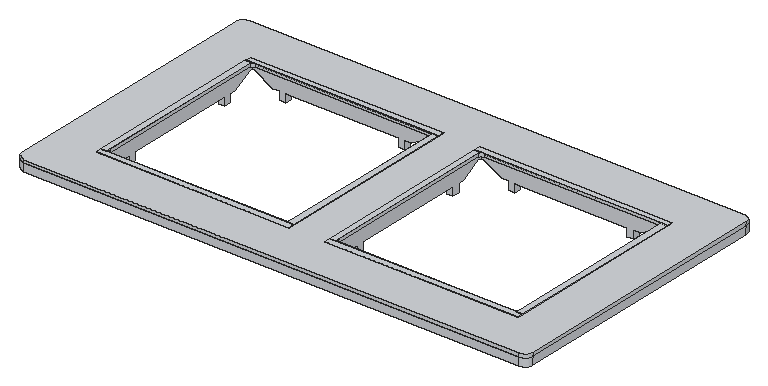
Revit family "Gira_0212295", category Electrical Fixtures, host Face, Revit 2017
Family settings
  Host = Face
  Maintain Annotation Orientation = No
  Round Connector Dimension = Use Diameter
  Part Type = Normal
  Cut with Voids When Loaded = No
  Shared = No
  Room Calculation Point = No
Parameters (values of type "Abdeckrahmen 2f flach Gira E2 Reinweiß")
  Werkstoffgüte = "Thermoplast"
  Werkstoff = "Kunststoff"
  URL = "http://katalog.gira.de/de_DE/datenblatt.html?artikelnr=0212295"
  Transparent = "No"
  Textfeld/Beschriftungsfläche = "No"
  Schutzart (IP) = "IP20"
  Region = "DE"
  RAL-Nummer (ähnlich) = "9010 "
  Oberfläche = "sonstige"
  Name = "Abdeckrahmen 2f flach Gira E2 Reinweiß"
  Montagerichtung = "horizontal und vertikal"
  Mit Montagerahmen = "No"
  Mit Klappdeckel = "No"
  Manufacturer URL = "https://www.gira.de/"
  Keynote = "E2flach_Rahmen_2fach"
  HeinzeBIM = "https://bimportal.heinze.de/bim/abdeckrahmen-2f-flach-gira-e2-reinweiss/feafc31c3952bf6c6894f4466718ac3c6a4255d5"
  Halogenfrei = "Yes"
  HAN = "0212295"
  Geeignet für Unterputz-Installation = "Yes"
  Geeignet für Unterflurkanaldose = "No"
  Geeignet für Geräteeinbaukanal = "No"
  Geeignet für Einbauinstallation = "No"
  GTIN = "4010337022282"
  Farbe = "weiß"
  Default Elevation = 1219.2 mm
  Data sheet (1) = "https://katalog.gira.de/de_DE/download.html?artikelnr=0212295"
  Category = "Abdeckrahmen"
  Befestigungsart = "Klemmbefestigung"
  Available = "Yes"
  Ausführung der Oberfläche = "glänzend"
  Anzahl der Einheiten vertikal = "2 "
  Anzahl der Einheiten horizontal = "2 "
  Anzahl der Einheiten = "2 "
Reference planes
  plane 1 "Center (Front/Back)": y = 0
  plane 2: z = 0
  plane 3 "Center (Left/Right)": x = 0
Forms (mm)
  Extrusion 1, solid, detail levels fine
    sketch origin (0, 0, 0) x (1, 0, 0) y (0, 1, 0)
      loop
        arc (-77, 43.9) -> (-78.768, 43.168) -> (-79.5, 41.4) r 2.5
        line (-79.5, 41.4) -> (-79.5, -41.4)
        arc (-79.5, -41.4) -> (-78.768, -43.168) -> (-77, -43.9) r 2.5
        line (-77, -43.9) -> (77, -43.9)
        arc (77, -43.9) -> (78.768, -43.168) -> (79.5, -41.4) r 2.5
        line (79.5, -41.4) -> (79.5, 41.4)
        arc (79.5, 41.4) -> (78.768, 43.168) -> (77, 43.9) r 2.5
        line (77, 43.9) -> (-77, 43.9)
      loop
        spline (-63.744, -27.245) -> (-63.736, -27.363) -> (-63.713, -27.478) -> (-63.675, -27.589) -> (-63.623, -27.695) -> (-63.558, -27.792) -> (-63.481, -27.881) -> (-63.392, -27.958) -> (-63.295, -28.023) -> (-63.189, -28.075) -> (-63.078, -28.113) -> (-62.963, -28.136) -> (-62.845, -28.144)
        line (-62.845, -28.144) -> (-8.355, -28.144)
        spline (-8.355, -28.144) -> (-8.237, -28.136) -> (-8.122, -28.113) -> (-8.011, -28.075) -> (-7.905, -28.023) -> (-7.808, -27.958) -> (-7.719, -27.881) -> (-7.642, -27.792) -> (-7.577, -27.695) -> (-7.525, -27.589) -> (-7.487, -27.478) -> (-7.464, -27.363) -> (-7.456, -27.245)
        line (-7.456, -27.245) -> (-7.456, 27.245)
        spline (-7.456, 27.245) -> (-7.464, 27.363) -> (-7.487, 27.478) -> (-7.525, 27.589) -> (-7.577, 27.695) -> (-7.642, 27.792) -> (-7.719, 27.881) -> (-7.808, 27.958) -> (-7.905, 28.023) -> (-8.011, 28.075) -> (-8.122, 28.113) -> (-8.237, 28.136) -> (-8.355, 28.144)
        line (-8.355, 28.144) -> (-62.845, 28.144)
        spline (-62.845, 28.144) -> (-62.963, 28.136) -> (-63.078, 28.113) -> (-63.189, 28.075) -> (-63.295, 28.023) -> (-63.392, 27.958) -> (-63.481, 27.881) -> (-63.558, 27.792) -> (-63.623, 27.695) -> (-63.675, 27.589) -> (-63.713, 27.478) -> (-63.736, 27.363) -> (-63.744, 27.245)
        line (-63.744, 27.245) -> (-63.744, -27.245)
      loop
        spline (62.845, -28.144) -> (62.963, -28.136) -> (63.078, -28.113) -> (63.189, -28.075) -> (63.295, -28.023) -> (63.392, -27.958) -> (63.481, -27.881) -> (63.558, -27.792) -> (63.623, -27.695) -> (63.675, -27.589) -> (63.713, -27.478) -> (63.736, -27.363) -> (63.744, -27.245)
        line (63.744, -27.245) -> (63.744, 27.245)
        spline (63.744, 27.245) -> (63.736, 27.363) -> (63.713, 27.478) -> (63.675, 27.589) -> (63.623, 27.695) -> (63.558, 27.792) -> (63.481, 27.881) -> (63.392, 27.958) -> (63.295, 28.023) -> (63.189, 28.075) -> (63.078, 28.113) -> (62.963, 28.136) -> (62.845, 28.144)
        line (62.845, 28.144) -> (8.355, 28.144)
        spline (8.355, 28.144) -> (8.237, 28.136) -> (8.122, 28.113) -> (8.011, 28.075) -> (7.905, 28.023) -> (7.808, 27.958) -> (7.719, 27.881) -> (7.642, 27.792) -> (7.577, 27.695) -> (7.525, 27.589) -> (7.487, 27.478) -> (7.464, 27.363) -> (7.456, 27.245)
        line (7.456, 27.245) -> (7.456, -27.245)
        spline (7.456, -27.245) -> (7.464, -27.363) -> (7.487, -27.478) -> (7.525, -27.589) -> (7.577, -27.695) -> (7.642, -27.792) -> (7.719, -27.881) -> (7.808, -27.958) -> (7.905, -28.023) -> (8.011, -28.075) -> (8.122, -28.113) -> (8.237, -28.136) -> (8.355, -28.144)
        line (8.355, -28.144) -> (62.845, -28.144)
    from 2.5 to 3.4
  Extrusion 2, solid, detail levels fine
    sketch origin (0, 0, 0) x (1, 0, 0) y (0, 1, 0)
      loop
        arc (-77, 43.9) -> (-78.768, 43.168) -> (-79.5, 41.4) r 2.5
        line (-79.5, 41.4) -> (-79.5, -41.4)
        arc (-79.5, -41.4) -> (-78.768, -43.168) -> (-77, -43.9) r 2.5
        line (-77, -43.9) -> (77, -43.9)
        arc (77, -43.9) -> (78.768, -43.168) -> (79.5, -41.4) r 2.5
        line (79.5, -41.4) -> (79.5, 41.4)
        arc (79.5, 41.4) -> (78.768, 43.168) -> (77, 43.9) r 2.5
        line (77, 43.9) -> (-77, 43.9)
      loop
        arc (-77, 43.4) -> (-78.414, 42.814) -> (-79, 41.4) r 2
        line (-79, 41.4) -> (-79, -41.4)
        arc (-79, -41.4) -> (-78.414, -42.814) -> (-77, -43.4) r 2
        line (-77, -43.4) -> (77, -43.4)
        arc (77, -43.4) -> (78.414, -42.814) -> (79, -41.4) r 2
        line (79, -41.4) -> (79, 41.4)
        arc (79, 41.4) -> (78.414, 42.814) -> (77, 43.4) r 2
        line (77, 43.4) -> (-77, 43.4)
    from 0 to 2.5
  Extrusion 3, solid, detail levels fine
    sketch origin (-35.6, 0, 0) x (1, 0, 0) y (0, 0, 1)
      loop
        line (-17.5, -4.06) -> (-17.5, -1.56) -> (17.5, -1.56) -> (17.5, -4.06) -> (19.5, -4.06) -> (19.5, -1.56) -> (21.654, -1.56) -> (27.214, 1.65) -> (30, 1.65) -> (30, 3.4) -> (-30, 3.4) -> (-30, 1.65) -> (-27.214, 1.65) -> (-21.654, -1.56) -> (-19.5, -1.56) -> (-19.5, -4.06) -> (-17.5, -4.06)
    from 28.144 to 30
  Extrusion 4, solid, detail levels fine
    sketch origin (-35.6, 0, 0) x (0, -1, 0) y (0, 0, -1)
      loop
        line (-17.5, 4.06) -> (-19.5, 4.06) -> (-19.5, 1.56) -> (-21.654, 1.56) -> (-27.214, -1.65) -> (-28.144, -1.65) -> (-28.144, -3.4) -> (28.144, -3.4) -> (28.144, -1.65) -> (27.214, -1.65) -> (21.654, 1.56) -> (19.5, 1.56) -> (19.5, 4.06) -> (17.5, 4.06) -> (17.5, 1.56) -> (-17.5, 1.56) -> (-17.5, 4.06)
    from 28.144 to 30
  Extrusion 5, solid, detail levels medium
    sketch origin (-35.6, 0, 0) x (0, -1, 0) y (0, 0, 1)
      loop
        line (-17.5, -4.06) -> (-17.5, -1.56) -> (17.5, -1.56) -> (17.5, -4.06) -> (19.5, -4.06) -> (19.5, -1.56) -> (28.144, -1.56) -> (28.144, 3.4) -> (-28.144, 3.4) -> (-28.144, -1.56) -> (-19.5, -1.56) -> (-19.5, -4.06) -> (-17.5, -4.06)
    from 28.144 to 30
  Extrusion 6, solid, detail levels fine
    sketch origin (-35.6, 0, 0) x (1, 0, 0) y (0, 0, -1)
      loop
        line (-17.5, 4.06) -> (-19.5, 4.06) -> (-19.5, 1.56) -> (-21.654, 1.56) -> (-27.214, -1.65) -> (-30, -1.65) -> (-30, -3.4) -> (30, -3.4) -> (30, -1.65) -> (27.214, -1.65) -> (21.654, 1.56) -> (19.5, 1.56) -> (19.5, 4.06) -> (17.5, 4.06) -> (17.5, 1.56) -> (-17.5, 1.56) -> (-17.5, 4.06)
    from 28.144 to 30
  Extrusion 7, solid, detail levels coarse
    sketch origin (0, 0, 0) x (1, 0, 0) y (0, 1, 0)
      loop
        line (-79.5, 43.9) -> (-79.5, -43.9) -> (79.5, -43.9) -> (79.5, 43.9) -> (-79.5, 43.9)
    from -4.06 to 3.4
  Extrusion 8, solid, detail levels medium
    sketch origin (0, 0, 0) x (1, 0, 0) y (0, 1, 0)
      loop
        line (-79.5, 43.9) -> (-79.5, -43.9) -> (79.5, -43.9) -> (79.5, 43.9) -> (-79.5, 43.9)
    from 0 to 3.4
  Extrusion 9, solid, detail levels medium
    sketch origin (-35.6, 0, 0) x (1, 0, 0) y (0, 0, 1)
      loop
        line (-17.5, -4.06) -> (-17.5, -1.56) -> (17.5, -1.56) -> (17.5, -4.06) -> (19.5, -4.06) -> (19.5, -1.56) -> (30, -1.56) -> (30, 3.4) -> (-30, 3.4) -> (-30, -1.56) -> (-19.5, -1.56) -> (-19.5, -4.06) -> (-17.5, -4.06)
    from 28.144 to 30
  Extrusion 10, solid, detail levels medium
    sketch origin (-35.6, 0, 0) x (1, 0, 0) y (0, 0, -1)
      loop
        line (-17.5, 4.06) -> (-19.5, 4.06) -> (-19.5, 1.56) -> (-30, 1.56) -> (-30, -3.4) -> (30, -3.4) -> (30, 1.56) -> (19.5, 1.56) -> (19.5, 4.06) -> (17.5, 4.06) -> (17.5, 1.56) -> (-17.5, 1.56) -> (-17.5, 4.06)
    from 28.144 to 30
  Extrusion 11, solid, detail levels medium
    sketch origin (-35.6, 0, 0) x (0, -1, 0) y (0, 0, -1)
      loop
        line (-17.5, 4.06) -> (-19.5, 4.06) -> (-19.5, 1.56) -> (-28.144, 1.56) -> (-28.144, -3.4) -> (28.144, -3.4) -> (28.144, 1.56) -> (19.5, 1.56) -> (19.5, 4.06) -> (17.5, 4.06) -> (17.5, 1.56) -> (-17.5, 1.56) -> (-17.5, 4.06)
    from 28.144 to 30
  Extrusion 12, solid, detail levels fine
    sketch origin (35.6, 0, 0) x (-1, 0, 0) y (0, 0, -1)
      loop
        line (-17.5, 4.06) -> (-19.5, 4.06) -> (-19.5, 1.56) -> (-21.654, 1.56) -> (-27.214, -1.65) -> (-30, -1.65) -> (-30, -3.4) -> (30, -3.4) -> (30, -1.65) -> (27.214, -1.65) -> (21.654, 1.56) -> (19.5, 1.56) -> (19.5, 4.06) -> (17.5, 4.06) -> (17.5, 1.56) -> (-17.5, 1.56) -> (-17.5, 4.06)
    from 28.144 to 30
  Extrusion 13, solid, detail levels fine
    sketch origin (35.6, 0, 0) x (0, -1, 0) y (0, 0, 1)
      loop
        line (-17.5, -4.06) -> (-17.5, -1.56) -> (17.5, -1.56) -> (17.5, -4.06) -> (19.5, -4.06) -> (19.5, -1.56) -> (21.654, -1.56) -> (27.214, 1.65) -> (28.144, 1.65) -> (28.144, 3.4) -> (-28.144, 3.4) -> (-28.144, 1.65) -> (-27.214, 1.65) -> (-21.654, -1.56) -> (-19.5, -1.56) -> (-19.5, -4.06) -> (-17.5, -4.06)
    from 28.144 to 30
  Extrusion 14, solid, detail levels medium
    sketch origin (35.6, 0, 0) x (0, -1, 0) y (0, 0, -1)
      loop
        line (-17.5, 4.06) -> (-19.5, 4.06) -> (-19.5, 1.56) -> (-28.144, 1.56) -> (-28.144, -3.4) -> (28.144, -3.4) -> (28.144, 1.56) -> (19.5, 1.56) -> (19.5, 4.06) -> (17.5, 4.06) -> (17.5, 1.56) -> (-17.5, 1.56) -> (-17.5, 4.06)
    from 28.144 to 30
  Extrusion 15, solid, detail levels fine
    sketch origin (35.6, 0, 0) x (-1, 0, 0) y (0, 0, 1)
      loop
        line (-17.5, -4.06) -> (-17.5, -1.56) -> (17.5, -1.56) -> (17.5, -4.06) -> (19.5, -4.06) -> (19.5, -1.56) -> (21.654, -1.56) -> (27.214, 1.65) -> (30, 1.65) -> (30, 3.4) -> (-30, 3.4) -> (-30, 1.65) -> (-27.214, 1.65) -> (-21.654, -1.56) -> (-19.5, -1.56) -> (-19.5, -4.06) -> (-17.5, -4.06)
    from 28.144 to 30
  Extrusion 16, solid, detail levels medium
    sketch origin (35.6, 0, 0) x (-1, 0, 0) y (0, 0, -1)
      loop
        line (-17.5, 4.06) -> (-19.5, 4.06) -> (-19.5, 1.56) -> (-30, 1.56) -> (-30, -3.4) -> (30, -3.4) -> (30, 1.56) -> (19.5, 1.56) -> (19.5, 4.06) -> (17.5, 4.06) -> (17.5, 1.56) -> (-17.5, 1.56) -> (-17.5, 4.06)
    from 28.144 to 30
  Extrusion 17, solid, detail levels medium
    sketch origin (35.6, 0, 0) x (-1, 0, 0) y (0, 0, 1)
      loop
        line (-17.5, -4.06) -> (-17.5, -1.56) -> (17.5, -1.56) -> (17.5, -4.06) -> (19.5, -4.06) -> (19.5, -1.56) -> (30, -1.56) -> (30, 3.4) -> (-30, 3.4) -> (-30, -1.56) -> (-19.5, -1.56) -> (-19.5, -4.06) -> (-17.5, -4.06)
    from 28.144 to 30
  Extrusion 18, solid, detail levels medium
    sketch origin (35.6, 0, 0) x (0, -1, 0) y (0, 0, 1)
      loop
        line (-17.5, -4.06) -> (-17.5, -1.56) -> (17.5, -1.56) -> (17.5, -4.06) -> (19.5, -4.06) -> (19.5, -1.56) -> (28.144, -1.56) -> (28.144, 3.4) -> (-28.144, 3.4) -> (-28.144, -1.56) -> (-19.5, -1.56) -> (-19.5, -4.06) -> (-17.5, -4.06)
    from 28.144 to 30
  Extrusion 19, solid, detail levels fine
    sketch origin (-93.744, 0, 0) x (0, -1, 0) y (0, 0, -1)
      loop
        line (-17.5, 4.06) -> (-19.5, 4.06) -> (-19.5, 1.56) -> (-21.654, 1.56) -> (-27.214, -1.65) -> (-28.144, -1.65) -> (-28.144, -3.4) -> (28.144, -3.4) -> (28.144, -1.65) -> (27.214, -1.65) -> (21.654, 1.56) -> (19.5, 1.56) -> (19.5, 4.06) -> (17.5, 4.06) -> (17.5, 1.56) -> (-17.5, 1.56) -> (-17.5, 4.06)
    from 28.144 to 30
  Extrusion 20, solid, detail levels fine
    sketch origin (93.744, 0, 0) x (0, -1, 0) y (0, 0, 1)
      loop
        line (-17.5, -4.06) -> (-17.5, -1.56) -> (17.5, -1.56) -> (17.5, -4.06) -> (19.5, -4.06) -> (19.5, -1.56) -> (21.654, -1.56) -> (27.214, 1.65) -> (28.144, 1.65) -> (28.144, 3.4) -> (-28.144, 3.4) -> (-28.144, 1.65) -> (-27.214, 1.65) -> (-21.654, -1.56) -> (-19.5, -1.56) -> (-19.5, -4.06) -> (-17.5, -4.06)
    from 28.144 to 30
Dimensions and locks
  aligned and locked: plane 2 to host face
  aligned and locked: level to host face
